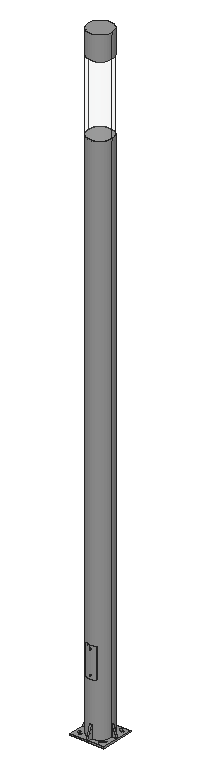
Revit family "COPL COLUMN LIGHT", category Lighting Fixtures, Revit 2020
Family settings
  Round Connector Dimension = Use Diameter
  Part Type = Normal
  Work Plane-Based = No
  Always vertical = Yes
  Cut with Voids When Loaded = No
  Light Source = Yes
  Shared = No
  Room Calculation Point = No
Parameters (values of type "COPL-4.5 POLE-BK")
  Wattage = 22.8892 W
  WATTS = 30 W
  built-in parameter 1150110 = 1 (stored number, unit not read)
  Voltage Comments = "120-277"  # constant formula
  Voltage = 120 V  # constant formula
  URL = "https://www.abovealllighting.com/product/LED-OUTDOOR-FIXTURES/LEDMOONSERIESPOSTTOP/ColumnLEDPole.html"
  Type Comments = "COPL COLUMN LIGHT"  # constant formula
  built-in parameter 1114217 = 1 (stored number, unit not read)
  Tilt Angle = 90.00°
  built-in parameter 1150109 = 1 (stored number, unit not read)
  built-in parameter 1150134 = 12
  built-in parameter 1150113 = 1 (stored number, unit not read)
  Pole Height = 177.17"
  Photometric Web File = "COPL-30401-BK.IES"
  Model = "COPL-4.5 POLE-BK"
  Manufacturer = "Above All Lighting"  # constant formula
  built-in parameter 1150105 = 270.56 (stored number, unit not read)
  Lumens = 3400 lm
  built-in parameter 1150115 = 1 (stored number, unit not read)
  built-in parameter 1150137 = (empty or 0)
  built-in parameter 1150139 = (empty or 0)
  built-in parameter 1150112 = 1 (stored number, unit not read)
  built-in parameter 1150114 = 1 (stored number, unit not read)
  built-in parameter 1150132 = 2
  built-in parameter 1150102 = (empty or 0)
  built-in parameter 1150107 = 4000 (stored number, unit not read)
  built-in parameter 1150138 = (empty or 0)
  built-in parameter 1150106 = 2.7056 (stored number, unit not read)
  IP Rating = "65"  # constant formula
  GLASS [instance] = Glass
  Fixture Radius = Fixture Diameter / 2  # 3.935"
  Fixture Height = Pole Height + (23.60" + 7.87")  # 208.64"
  Fixture Diameter = 7.87"  # constant formula
  Emit from Line Length = 24.00"
  built-in parameter 1150104 = 13.8 (stored number, unit not read)
  Dimming Lamp Color Temperature Shift = <None>
  Dimming / Control Comments = ""
  Description = "The COPL column led light has elegant, slim and column design. It brings architectural style to any \r\narea or site, impacting pedestrian-scale for improved comfort and security.  High quality aluminum \r\nbody, polycarbonate shade, moulded silicone gasket and stainless steel screws. This pole light is \r\nan excellent choice for walkways, entrances, promenades, plazas, courtyards, driveways, bridges,\r\nand landscaped areas."  # constant formula
  Default Elevation = 0.00"
  Color Filter = 16777215
  CRI = "70"  # constant formula
  Body color [instance] = Pole Material
  Base Width = 11.00"  # constant formula
  built-in parameter 1114218 = 1 (stored number, unit not read)
  BOLT = Steel
  built-in parameter 1150133 = 10 (stored number, unit not read)
  Apparent Load = WATTS / 0.8  # 37.5 VA
Types (3): name | Pole Height | Model | Fixture Height | BOLT
  (no name) | 177.17" | "COPL-4.5 POLE-BK" | 208.64" | Steel
  COPL-2.7 PLOE-BK | 106.30" | "COPL-2.7 PLOE-BK" | 137.77" | none
  COPL-4.5 POLE-BK | 177.17" | "COPL-4.5 POLE-BK" | 208.64" | Steel
Reference planes (in)
  plane 1 "Center (Front/Back)": y = 0
  plane 2: z = 0
  plane 3 "Center (Left/Right)": x = 0
  plane 4: x = -3.935
  plane 5: x = 3.935
  plane 6: y = 3.935
  plane 7: y = -3.935
  plane 8: z = 208.64
  plane 9: z = 200.77
  plane 10: z = 0.39
  plane 11: z = 18.065
  plane 12: z = 177.17
  plane 13: z = 27.905
  plane 14 "2": x = -1.87
  plane 15 "1": x = 1.87
  plane 16: z = 4.47369
  plane 17: z = 188.97
Forms (in)
  Extrusion 1, solid, material "Pole Material" <- "Body color"
    sketch origin (0, 0, 0) x (1, 0, 0) y (0, 1, 0)
      loop
        line (-5.5, -5.5) -> (5.5, -5.5) -> (5.5, 5.5) -> (-5.5, 5.5) -> (-5.5, -5.5)
      loop
        arc (-4.61448, 3.82437) -> (-4.61448, 3.26311) -> (-4.05321, 3.26311) r 0.39688
        line (-4.05321, 3.26311) -> (-3.16888, 4.14744)
        arc (-3.16888, 4.14744) -> (-3.16888, 4.70871) -> (-3.73014, 4.70871) r 0.39688
        line (-3.73014, 4.70871) -> (-4.61448, 3.82437)
      loop
        line (4.53635, 3.84) -> (3.68327, 4.69308)
        arc (3.68327, 4.69308) -> (3.122, 4.69308) -> (3.122, 4.13182) r 0.39688
        line (3.122, 4.13182) -> (3.97509, 3.27873)
        arc (3.97509, 3.27873) -> (4.53635, 3.27873) -> (4.53635, 3.84) r 0.39688
      loop
        line (-4.59885, -3.55875) -> (-3.69889, -4.45871)
        arc (-3.69889, -4.45871) -> (-3.13763, -4.45871) -> (-3.13763, -3.89744) r 0.39688
        line (-3.13763, -3.89744) -> (-4.03759, -2.99748)
        arc (-4.03759, -2.99748) -> (-4.59885, -2.99748) -> (-4.59885, -3.55875) r 0.39688
      loop
        arc (4.53635, -3.55875) -> (4.53635, -2.99748) -> (3.97509, -2.99748) r 0.39688
        line (3.97509, -2.99748) -> (3.10638, -3.86619)
        arc (3.10638, -3.86619) -> (3.10638, -4.42746) -> (3.66764, -4.42746) r 0.39688
        line (3.66764, -4.42746) -> (4.53635, -3.55875)
    from 0 to 0.39
  Extrusion 2, solid, material "Pole Material" <- "Body color"
    sketch origin (0, 0, 0) x (1, 0, 0) y (0, 1, 0)
      loop
        circle (0, 0) r 3.935
    from 200.77 to 208.64
  Extrusion 3, solid, material "Pole Material" <- "Body color"
    sketch origin (0, 0, 0) x (1, 0, 0) y (0, 1, 0)
      loop
        circle (0, 0) r 3.935
    from 0.39 to 177.17
  Extrusion 4, solid, material "Glass" <- "GLASS"
    sketch origin (0, 0, -7.87) x (1, 0, 0) y (0, 1, 0)
      loop
        circle (0, 0) r 3.935
    from 185.04 to 208.64
  Sweep 5, solid, material "Pole Material" <- "Body color"
    path origin (0, 0, 0) x (1, 0, 0) y (0, 0, 1)
      loop
        line (0, 18.065) -> (0, 27.905)
    profile origin (0, 0, 22.985) x (-1, 0, 0) y (0, -1, 0)
      loop
        line (1.77955, 3.50962) -> (1.87, 3.688)
        arc (1.87, 3.688) -> (0, 4.135) -> (-1.87, 3.688) r 4.135
        line (-1.87, 3.688) -> (-1.77955, 3.50962)
        arc (-1.77955, 3.50962) -> (0, 3.935) -> (1.77955, 3.50962) r 3.935
  Extrusion 6, void
    sketch origin (0, 0, 0) x (1, 0, 0) y (0, 0, 1)
      loop
        arc (-1.87, 27.5113) -> (-1.75469, 27.78969) -> (-1.4763, 27.905) r 0.3937
        line (-1.4763, 27.905) -> (-1.87, 27.905) -> (-1.87, 27.5113)
      loop
        line (1.87, 27.5113) -> (1.87, 27.905) -> (1.4763, 27.905)
        arc (1.4763, 27.905) -> (1.75469, 27.78969) -> (1.87, 27.5113) r 0.3937
      loop
        line (-1.87, 18.065) -> (-1.4763, 18.065)
        arc (-1.4763, 18.065) -> (-1.75469, 18.18031) -> (-1.87, 18.4587) r 0.3937
        line (-1.87, 18.4587) -> (-1.87, 18.065)
      loop
        line (1.87, 18.065) -> (1.87, 18.4587)
        arc (1.87, 18.4587) -> (1.75469, 18.18031) -> (1.4763, 18.065) r 0.3937
        line (1.4763, 18.065) -> (1.87, 18.065)
    from 3.50962 to 4.00432
  Extrusion 7, solid, material "Pole Material" <- "Body color"
    sketch origin (0, 0, 0) x (1, 0, 0) y (0, 0, 1)
      loop
        circle (0, 26.905) r 0.25
      loop
        circle (0, 19.065) r 0.25
    from 4.11148 to 4.17411
  Extrusion 8, solid, material "Pole Material" <- "Body color"
    sketch origin (0, 0, 0) x (1, 0, 0) y (0, 1, 0)
      loop
        line (-5.5, 0.195) -> (-5.5, -0.195) -> (-3.935, -0.195) -> (-3.935, 0.195) -> (-5.5, 0.195)
      loop
        line (-0.195, 5.5) -> (-0.195, 3.935) -> (0.195, 3.935) -> (0.195, 5.5) -> (-0.195, 5.5)
      loop
        line (-0.195, -5.5) -> (0.195, -5.5) -> (0.195, -3.935) -> (-0.195, -3.935) -> (-0.195, -5.5)
      loop
        line (5.5, 0.195) -> (3.935, 0.195) -> (3.935, -0.195) -> (5.5, -0.195) -> (5.5, 0.195)
    from 0.39 to 4.47369
  Extrusion 9, void
    sketch origin (0, 0, 0) x (1, 0, 0) y (0, 0, 1)
      loop
        line (-3.935, 4.47369) -> (-5.5, 4.47369) -> (-5.5, 0.39) -> (-3.935, 4.47369)
      loop
        line (3.935, 4.47369) -> (5.5, 0.39) -> (5.5, 4.47369) -> (3.935, 4.47369)
    from -0.195 to 0.195
  Extrusion 10, void
    sketch origin (0, 0, 0) x (0, 1, 0) y (0, 0, 1)
      loop
        line (3.935, 4.47369) -> (5.5, 0.39) -> (5.5, 4.47369) -> (3.935, 4.47369)
      loop
        line (-3.935, 4.47369) -> (-5.5, 4.47369) -> (-5.5, 0.39) -> (-3.935, 4.47369)
    from -0.195 to 0.195
Cuts and joins
  Extrusion 6 cuts Sweep 5
  joined: Sweep 5, Extrusion 7
  Extrusion 9, Extrusion 10 cuts Extrusion 8
Dimensions and locks (in)
  equal spacing: plane 6, plane 1 "Center (Front/Back)", plane 7
  equal spacing: plane 4, plane 3 "Center (Left/Right)", plane 5
  "Fixture Diameter": plane 6 to plane 7
  "Fixture Diameter": plane 4 to plane 5
  locked: plane 8 to plane 9 at 7.87
  equal spacing: Extrusion 1 sketch curve, plane 3 "Center (Left/Right)", Extrusion 1 sketch curve
  equal spacing: Extrusion 1 sketch curve, plane 1 "Center (Front/Back)", Extrusion 1 sketch curve
  locked: plane 10 to plane 2 at 0.39
  locked: plane 11 to plane 10 at 17.675
  locked: plane 9 to plane 12 at 23.6
  "Base Width": Extrusion 1 sketch curve to Extrusion 1 sketch curve  (x2)
  "Pole Height": plane 12 to plane 2
  locked: plane 13 to plane 11 at 9.84
  equal spacing: plane 14 "2", plane 3 "Center (Left/Right)", plane 15 "1"
  locked: plane 14 "2" to plane 15 "1" at 3.74
  locked: plane 16 to plane 10 at 4.08369
  equal spacing: Extrusion 8 sketch curve, plane 1 "Center (Front/Back)", Extrusion 8 sketch curve  (x2)
  equal spacing: Extrusion 8 sketch curve, plane 3 "Center (Left/Right)", Extrusion 8 sketch curve  (x2)
  locked: Extrusion 8 sketch curve to Extrusion 8 sketch curve at 0.39  (x4)
  equal spacing: plane 9, plane 17, plane 12
  "Fixture Radius": radius of Extrusion 2 sketch curve
  "Fixture Radius": radius of Extrusion 3 sketch curve
  "Fixture Radius": radius of Extrusion 4 sketch curve
  aligned and locked: plane 2 to level
  aligned and locked: Extrusion 1 to plane 2
  aligned and locked: plane 10 to Extrusion 1
  aligned and locked: plane 8 to Extrusion 2
  aligned and locked: Extrusion 2 to plane 9
  aligned and locked: Extrusion 3 to plane 10
  aligned and locked: plane 9 to Extrusion 4
  aligned and locked: plane 12 to Extrusion 3
  aligned and locked: Extrusion 4 to plane 12
  aligned and locked: plane 3 "Center (Left/Right)" to Sweep 5 sketch curve
  aligned and locked: plane 11 to Sweep 5 sketch curve
  aligned and locked: plane 13 to Sweep 5 sketch curve
  aligned and locked: Extrusion 8 to plane 10
  aligned and locked: plane 16 to Extrusion 8
  aligned and locked: Extrusion 9 sketch curve to plane 16
  aligned and locked: plane 16 to Extrusion 9 sketch curve
  aligned and locked: Extrusion 10 sketch curve to plane 16
  aligned and locked: plane 16 to Extrusion 10 sketch curve
  aligned and locked: plane 17 to imposter light
  aligned and locked: imposter light to plane 1 "Center (Front/Back)"
  aligned and locked: plane 3 "Center (Left/Right)" to imposter light
Automatic sketch dimensions
  Sweep 5 sketch curve to Sweep 5 sketch curve = 0.00"  (x2)
  Sweep 5 sketch curve to profile plane = 0.00"
  profile plane to Sweep 5 sketch curve = 1.77955"
  Sweep 5 sketch curve to Sweep 5 sketch curve = 0.09045"  (x2)
  Sweep 5 sketch curve to profile plane = 1.77955"
  Sweep 5 sketch curve to Sweep 5 sketch curve = 0.17838"
  plane 1 "Center (Front/Back)" to Sweep 5 sketch curve = 3.688"
  plane 1 "Center (Front/Back)" to Sweep 5 sketch curve = 0.00"
  plane 14 "2" to Extrusion 6 sketch curve = 0.00"  (x2)
  Extrusion 6 sketch curve to plane 13 = 0.00"  (x2)
  Extrusion 6 sketch curve to plane 11 = 0.00"  (x2)
  plane 15 "1" to Extrusion 6 sketch curve = 0.00"  (x2)
  Extrusion 6 sketch curve to Extrusion 6 sketch curve = 0.3937"  (x2)
  plane 13 to Extrusion 6 sketch curve = 0.3937"  (x2)
  Extrusion 7 sketch curve to plane 3 "Center (Left/Right)" = 0.00"  (x2)
  plane 11 to Extrusion 7 sketch curve = 1.00"
  plane 13 to Extrusion 7 sketch curve = 1.00"
  Extrusion 8 sketch curve to plane 4 = 0.00"
  Extrusion 8 sketch curve to plane 5 = 0.00"
  Extrusion 8 sketch curve to plane 7 = 0.00"
  Extrusion 8 sketch curve to plane 6 = 0.00"
  Extrusion 8 sketch curve to plane 4 = 1.565"
  Extrusion 8 sketch curve to Extrusion 8 sketch curve = 1.565"  (x3)
  Extrusion 9 sketch curve to plane 10 = 0.00"  (x2)
  Extrusion 9 sketch curve to plane 4 = 0.00"
  Extrusion 9 sketch curve to plane 5 = 0.00"
  Extrusion 9 sketch curve to plane 4 = 1.565"
  Extrusion 9 sketch curve to Extrusion 9 sketch curve = 1.565"
  Extrusion 10 sketch curve to plane 10 = 0.00"  (x2)
  Extrusion 10 sketch curve to plane 7 = 0.00"
  Extrusion 10 sketch curve to plane 6 = 0.00"
  Extrusion 10 sketch curve to plane 7 = 1.565"
  plane 6 to Extrusion 10 sketch curve = 1.565"
  Extrusion 1 sketch curve to plane 6 = 0.11063"
  Extrusion 1 sketch curve to plane 4 = 0.67948"
  Extrusion 1 sketch curve to plane 4 = 0.66385"
  Extrusion 1 sketch curve to Extrusion 1 sketch curve = 0.28063"  (x13)
  Extrusion 1 sketch curve to plane 4 = 0.38322"
  Extrusion 1 sketch curve to plane 4 = 0.11821"
  Extrusion 1 sketch curve to plane 4 = 0.10259"
  plane 4 to Extrusion 1 sketch curve = 0.20486"
  plane 4 to Extrusion 1 sketch curve = 0.23611"
  plane 6 to Extrusion 1 sketch curve = 0.21244"
  plane 7 to Extrusion 1 sketch curve = 0.03756"
  plane 7 to Extrusion 1 sketch curve = 0.06881"
  Extrusion 1 sketch curve to plane 5 = 0.82862"
  plane 6 to Extrusion 1 sketch curve = 0.19682"
  Extrusion 1 sketch curve to plane 5 = 0.813"
  Extrusion 1 sketch curve to plane 5 = 0.26736"
  Extrusion 1 sketch curve to plane 5 = 0.25173"
  plane 5 to Extrusion 1 sketch curve = 0.04009"  (x2)
  plane 5 to Extrusion 1 sketch curve = 0.32072"  (x2)
  Extrusion 1 sketch curve to plane 6 = 0.095"
  plane 7 to Extrusion 1 sketch curve = 0.37625"  (x2)
  Extrusion 1 sketch curve to plane 7 = 0.52371"
  Extrusion 1 sketch curve to plane 7 = 0.49246"
  Extrusion 1 sketch curve to plane 6 = 0.67189"
  Extrusion 1 sketch curve to plane 6 = 0.65627"
  plane 1 "Center (Front/Back)" to Extrusion 2 sketch curve = 0.00"
  Extrusion 2 sketch curve to plane 3 "Center (Left/Right)" = 0.00"
  plane 1 "Center (Front/Back)" to Extrusion 3 sketch curve = 0.00"
  Extrusion 3 sketch curve to plane 3 "Center (Left/Right)" = 0.00"
  plane 1 "Center (Front/Back)" to Extrusion 4 sketch curve = 0.00"
  Extrusion 4 sketch curve to plane 3 "Center (Left/Right)" = 0.00"
  radius of Extrusion 7 sketch curve = 0.25"  (x2)
